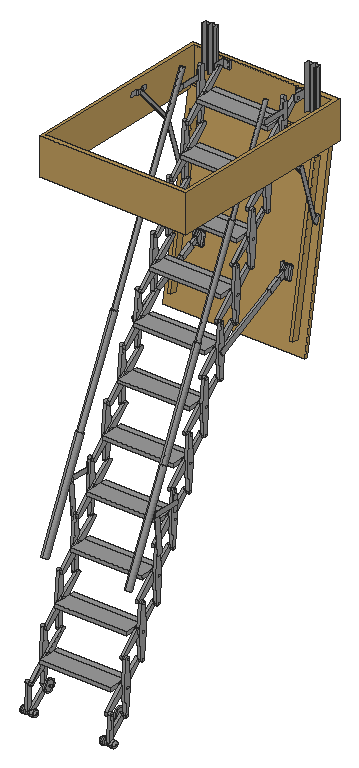
Revit family "schaartrap_XL 1000x1300mm ", category Generic Models, Revit 2019 (continued)
Forms (mm)
  Extrusion 50, solid, material "gietaluminium" <- "schaartrap"
    sketch origin (40.5, -590.562, 5.563) x (0, 1, 0) y (0, 0, 1)
      loop
        line (2074.925, 2267.866) -> (2045.025, 2238.071) -> (2043.528, 2236.332)
        arc (2043.528, 2236.332) -> (2040.685, 2228.913) -> (2042.029, 2221.083) r 15
        line (2042.029, 2221.083) -> (2059.936, 2182.859) -> (2074.925, 2267.866)
      loop
        circle (2055.613, 2227.446) r 4
    from 238 to 246
  Extrusion 51, solid, material "gietaluminium" <- "schaartrap"
    sketch origin (692.5, -43.97, 0) x (0, 1, 0) y (0, 0, -1)
      loop
        circle (63.97, -20) r 20
    from 446 to 466
  Sweep 52, solid, material "gietaluminium" <- "schaartrap"
    path origin (226.5, -43.97, 0) x (0, 1, 0) y (0, 0, -1)
      loop
        circle (63.97, -20) r 20
    profile origin (226.5, 20, 40) x (0, 0, 1) y (-1, 0, 0)
      loop
        line (-7.976, 0) -> (0, 0)
        arc (0, 0) -> (-2.238, 6.396) -> (-7.976, 10) r 10.257
        line (-7.976, 10) -> (-7.976, 0)
  Extrusion 53, solid, material "gietaluminium" <- "schaartrap"
    sketch origin (-159.5, -43.97, 0) x (0, 1, 0) y (0, 0, 1)
      loop
        circle (63.97, 20) r 20
    from 446 to 466
  Sweep 54, solid, material "gietaluminium" <- "schaartrap"
    path origin (306.5, -43.97, 0) x (0, 1, 0) y (0, 0, 1)
      loop
        circle (63.97, 20) r 20
    profile origin (306.5, 20, 40) x (0, 0, -1) y (1, 0, 0)
      loop
        line (7.976, 0) -> (7.976, 10)
        arc (7.976, 10) -> (2.238, 6.396) -> (0, 0) r 10.257
        line (0, 0) -> (7.976, 0)
  Extrusion 55, solid, material "gietaluminium" <- "schaartrap"
    sketch origin (63.5, -1421.409, -482.845) x (0, 1, 0) y (0, 0, 1)
      loop
        circle (1573.677, 783.116) r 21
      loop
        circle (1705.945, 1063.386) r 21
      loop
        circle (1838.213, 1343.657) r 21
      loop
        circle (1970.481, 1623.928) r 21
      loop
        circle (2102.749, 1904.199) r 21
      loop
        circle (2235.017, 2184.47) r 21
      loop
        circle (2367.285, 2464.94) r 21
      loop
        circle (2499.553, 2745.011) r 21
      loop
        circle (2631.821, 3025.282) r 21
      loop
        circle (2764.089, 3305.553) r 21
      loop
        circle (2896.357, 3585.823) r 21
    from 183 to 180
  Extrusion 56, solid, material "gietaluminium" <- "schaartrap"
    sketch origin (-126.5, -60.366, -16.741) x (0, 1, 0) y (0, 0, 1)
      loop
        arc (185.562, 115.163) -> (248.061, 135.606) -> (206.965, 186.941) r 40
        arc (206.965, 186.941) -> (171.397, 158.467) -> (185.562, 115.163) r 40
      loop
        arc (188.409, 116.796) -> (245.147, 136.334) -> (208.724, 184.023) r 37
        arc (208.724, 184.023) -> (174.311, 157.739) -> (188.409, 116.796) r 37
    from 359 to 370
  Extrusion 57, solid, material "gietaluminium" <- "schaartrap"
    sketch origin (63.5, -60.366, -16.741) x (0, 1, 0) y (0, 0, 1)
      loop
        arc (208.724, 184.023) -> (174.311, 157.739) -> (188.409, 116.796) r 37
        arc (188.409, 116.796) -> (245.147, 136.334) -> (208.724, 184.023) r 37
    from 173 to 176.5
  Extrusion 58, solid, material "gietaluminium" <- "schaartrap"
    sketch origin (581.5, -60.366, -16.741) x (0, 1, 0) y (0, 0, -1)
      loop
        circle (209.729, -147.037) r 5
    from 359 to 335
  Extrusion 59, solid, material "gietaluminium" <- "schaartrap"
    sketch origin (-119.5, -1875.073, -482.845) x (0, 1, 0) y (0, 0, 1)
      loop
        circle (2024.436, 613.19) r 5.05
      loop
        circle (1897.978, 672.82) r 5.05
      loop
        circle (2027.341, 783.116) r 5.05
      loop
        circle (2156.704, 893.411) r 5.05
      loop
        circle (2030.245, 953.091) r 5.05
      loop
        circle (2159.609, 1063.386) r 5.05
      loop
        circle (2288.972, 1173.682) r 5.05
      loop
        circle (2162.513, 1233.362) r 5.05
      loop
        circle (2291.877, 1343.657) r 5.05
      loop
        circle (2421.24, 1453.953) r 5.05
      loop
        circle (2424.145, 1623.928) r 5.05
      loop
        circle (2553.508, 1734.224) r 5.05
      loop
        circle (2427.049, 1793.903) r 5.05
      loop
        circle (2556.413, 1904.199) r 5.05
      loop
        circle (2685.776, 2014.494) r 5.05
      loop
        circle (2559.317, 2074.174) r 5.05
      loop
        circle (2688.681, 2184.47) r 5.05
      loop
        circle (2818.044, 2294.765) r 5.05
      loop
        circle (2691.585, 2354.445) r 5.05
      loop
        circle (2950.312, 2575.036) r 5.05
      loop
        circle (2823.853, 2634.715) r 5.05
      loop
        circle (2953.217, 2745.011) r 5.05
      loop
        circle (3082.58, 2855.307) r 5.05
      loop
        circle (2956.121, 2914.986) r 5.05
      loop
        circle (3085.485, 3025.282) r 5.05
      loop
        circle (3214.848, 3135.577) r 5.05
      loop
        circle (3088.389, 3195.257) r 5.05
      loop
        circle (3217.753, 3305.553) r 5.05
      loop
        circle (3347.116, 3415.848) r 5.05
      loop
        circle (3350.02, 3585.823) r 5.05
      loop
        circle (3220.657, 3475.528) r 5.05
    from 406 to 411
  Extrusion 60, solid, material "gietaluminium" <- "schaartrap"
    sketch origin (-151, 591.609, 28.316) x (1, 0, 0) y (0, 1, 0)
      loop
        line (-318.5, 647.962) -> (-318.5, 624.3) -> (-302.5, 613.097) -> (-302.5, 584.328) -> (-318.5, 573.125) -> (-318.5, 549.462) -> (-315.5, 549.462) -> (-315.5, 571.563) -> (-299.5, 582.766) -> (-299.5, 614.658) -> (-315.5, 625.862) -> (-315.5, 647.962) -> (-318.5, 647.962)
    from 3135.001 to 3165.001
  Extrusion 61, solid, material "gietaluminium" <- "schaartrap"
    sketch origin (-151, 591.609, 28.316) x (0, 1, 0) y (0, 0, 1)
      loop
        line (647.962, 3165.001) -> (647.962, 3135.001)
        arc (647.962, 3135.001) -> (662.962, 3150.001) -> (647.962, 3165.001) r 15
      loop
        arc (549.462, 3165.001) -> (534.462, 3150.001) -> (549.462, 3135.001) r 15
        line (549.462, 3135.001) -> (549.462, 3165.001)
    from -318.5 to -315.5
  Extrusion 62, solid, material "gietaluminium" <- "schaartrap"
    sketch origin (151, -591.609, 28.316) x (-1, 0, 0) y (0, -1, 0)
      loop
        line (-318.5, -1831.181) -> (-315.5, -1831.181) -> (-315.5, -1809.08) -> (-299.5, -1797.877) -> (-299.5, -1765.984) -> (-315.5, -1754.781) -> (-315.5, -1732.681) -> (-318.5, -1732.681) -> (-318.5, -1756.343) -> (-302.5, -1767.546) -> (-302.5, -1796.315) -> (-318.5, -1807.518) -> (-318.5, -1831.181)
    from 3135.001 to 3165.001
  Extrusion 63, solid, material "gietaluminium" <- "schaartrap"
    sketch origin (151, -591.609, 28.316) x (0, -1, 0) y (0, 0, 1)
      loop
        arc (-1831.181, 3165.001) -> (-1846.181, 3150.001) -> (-1831.181, 3135.001) r 15
        line (-1831.181, 3135.001) -> (-1831.181, 3165.001)
      loop
        line (-1732.681, 3165.001) -> (-1732.681, 3135.001)
        arc (-1732.681, 3135.001) -> (-1717.681, 3150.001) -> (-1732.681, 3165.001) r 15
    from -318.5 to -315.5
  Extrusion 64, solid, material "gietaluminium" <- "schaartrap"
    sketch origin (-160.5, 584.315, 30.074) x (0, 0.999997, -0.002431) y (0, 0.002431, 0.999997)
      loop
        arc (922.06, 2542.699) -> (933.369, 2538.006) -> (941.174, 2547.441) r 10.301
        line (941.174, 2547.441) -> (825.649, 2921.876) -> (806.86, 2916.079) -> (922.06, 2542.699)
    from -294 to -290
  Extrusion 65, solid, material "gietaluminium" <- "schaartrap"
    sketch origin (-160.5, 590.512, 27.781) x (0, 1, 0) y (0, 0, 1)
      loop
        arc (920.072, 2553.899) -> (916.992, 2549.65) -> (918.432, 2544.603) r 6
        line (918.432, 2544.603) -> (945.758, 2514.114) -> (956.177, 2573.203) -> (920.072, 2553.899)
      loop
        circle (930.779, 2547.218) r 4
    from -298 to -294
  Extrusion 66, solid, material "gietaluminium" <- "schaartrap", not visible
    sketch origin (280, 837.094, 512.919) x (0, -0.999997, -0.002431) y (0, -0.002431, 0.999997)
      loop
        arc (922.06, 2542.699) -> (933.369, 2538.006) -> (941.174, 2547.441) r 10.301
        line (941.174, 2547.441) -> (825.649, 2921.876) -> (806.86, 2916.079) -> (922.06, 2542.699)
    from -294 to -290
  Extrusion 67, solid, material "gietaluminium" <- "schaartrap", not visible
    sketch origin (280, 830.897, 510.625) x (0, -1, 0) y (0, 0, 1)
      loop
        arc (920.072, 2553.899) -> (916.992, 2549.65) -> (918.432, 2544.603) r 6
        line (918.432, 2544.603) -> (945.758, 2514.114) -> (956.177, 2573.203) -> (920.072, 2553.899)
      loop
        circle (930.779, 2547.218) r 4
    from -298 to -294
  Extrusion 68, solid, material "gietaluminium" <- "schaartrap"
    sketch origin (160.5, -584.315, 30.074) x (0, -0.999997, -0.002431) y (0, -0.002431, 0.999997)
      loop
        line (-2103.035, 2535.346) -> (-1989.652, 2909.282) -> (-2008.469, 2914.988) -> (-2122.173, 2539.995)
        arc (-2122.173, 2539.995) -> (-2114.322, 2530.598) -> (-2103.035, 2535.346) r 10.301
    from -294 to -290
  Extrusion 69, solid, material "gietaluminium" <- "schaartrap"
    sketch origin (160.5, -590.512, 27.781) x (0, -1, 0) y (0, 0, 1)
      loop
        line (-2101.095, 2553.899) -> (-2137.2, 2573.203) -> (-2126.781, 2514.114) -> (-2099.456, 2544.603)
        arc (-2099.456, 2544.603) -> (-2098.015, 2549.65) -> (-2101.095, 2553.899) r 6
      loop
        circle (-2111.802, 2547.218) r 4
    from -298 to -294
  Extrusion 70, solid, material "gietaluminium" <- "schaartrap"
    sketch origin (-156.5, 1520.658, 2540.829) x (0, 0.173648, 0.984808) y (-1, 0, 0)
      loop
        line (63.761, 264.5) -> (63.761, 298) -> (3.764, 298) -> (3.764, 264.5) -> (63.761, 264.5)
    from -18.69 to -15.19
  Extrusion 71, solid, material "gietaluminium" <- "schaartrap"
    sketch origin (156.5, 1520.658, 2540.829) x (0, 0.173648, 0.984808) y (-1, 0, 0)
      loop
        line (63.761, -264.5) -> (3.764, -264.5) -> (3.764, -298) -> (63.761, -298) -> (63.761, -264.5)
    from -18.69 to -15.19
  Extrusion 72, solid, material "gietaluminium" <- "schaartrap"
    sketch origin (-160.5, 592.017, 11.499) x (0, 0.999999, -0.001085) y (0, 0.001085, 0.999999)
      loop
        arc (604.174, 3171.925) -> (590.072, 3172.99) -> (589.006, 3158.888) r 10
        line (589.006, 3158.888) -> (816.244, 2894.511)
        arc (816.244, 2894.511) -> (827.747, 2895.257) -> (833.285, 2905.367) r 11.968
        line (833.285, 2905.367) -> (604.174, 3171.925)
    from -290 to -286
  Extrusion 73, solid, material "gietaluminium" <- "schaartrap"
    sketch origin (160.5, -592.017, 11.499) x (0, -0.999999, -0.001085) y (0, -0.001085, 0.999999)
      loop
        line (-1795.089, 3169.321) -> (-2023.621, 2902.267)
        arc (-2023.621, 2902.267) -> (-2018.062, 2892.169) -> (-2006.557, 2891.448) r 11.968
        line (-2006.557, 2891.448) -> (-1779.894, 3156.318)
        arc (-1779.894, 3156.318) -> (-1780.99, 3170.417) -> (-1795.089, 3169.321) r 10
    from -290 to -286
  Extrusion 74, solid, material "gietaluminium" <- "schaartrap"
    sketch origin (-94, 1537.895, 2530.958) x (0, 0.173648, 0.984808) y (-1, 0, 0)
      loop
        arc (-259.153, -362.5) -> (-262.082, -355.429) -> (-269.153, -352.5) r 10
        line (-269.153, -352.5) -> (-342.991, -352.5)
        arc (-342.991, -352.5) -> (-350.062, -355.429) -> (-352.991, -362.5) r 10
        line (-352.991, -362.5) -> (-352.991, -413.5)
        arc (-352.991, -413.5) -> (-350.062, -420.571) -> (-342.991, -423.5) r 10
        line (-342.991, -423.5) -> (-269.153, -423.5)
        arc (-269.153, -423.5) -> (-262.082, -420.571) -> (-259.153, -413.5) r 10
        line (-259.153, -413.5) -> (-259.153, -362.5)
    from 0 to 8
  Extrusion 75, void
    sketch origin (-598.5, 591.599, -30.761) x (0, 1, 0) y (0, 0, -1)
      loop
        circle (1047.17, -3434.035) r 5.25
      loop
        circle (1047.17, -3414.035) r 5.25
      loop
        circle (1047.17, -3394.035) r 5.25
      loop
        circle (1047.17, -3374.035) r 5.25
      loop
        circle (1047.17, -3354.035) r 5.25
      loop
        circle (1047.17, -3334.035) r 5.25
      loop
        circle (1047.17, -3314.035) r 5.25
      loop
        circle (1047.17, -3294.035) r 5.25
      loop
        circle (1047.17, -3274.035) r 5.25
      loop
        circle (1047.17, -3254.035) r 5.25
      loop
        circle (1047.17, -3234.035) r 5.25
      loop
        circle (1047.17, -3214.035) r 5.25
      loop
        circle (1047.17, -3194.035) r 5.25
      loop
        circle (1047.17, -3174.035) r 5.25
      loop
        line (1040.712, -3159.035) -> (1040.712, -3153.033) -> (1026.715, -3153.033) -> (1026.715, -3168.033) -> (1031.715, -3168.033)
        arc (1031.715, -3168.033) -> (1034.35, -3161.67) -> (1040.712, -3159.035) r 8.998
    from -292.5 to -252.5
  Extrusion 76, solid, material "gietaluminium" <- "schaartrap"
    sketch origin (4223.985, -1824.018, 78.273) x (-1, 0, 0) y (0, -1, 0)
      loop
        arc (4529.985, -3475.327) -> (4530.864, -3477.45) -> (4532.986, -3478.329) r 3.001
        line (4532.986, -3478.329) -> (4566.985, -3478.329)
        arc (4566.985, -3478.329) -> (4569.106, -3477.45) -> (4569.985, -3475.329) r 3
        line (4569.985, -3475.329) -> (4569.985, -3448.329) -> (4567.985, -3448.329) -> (4567.985, -3475.329)
        arc (4567.985, -3475.329) -> (4567.692, -3476.036) -> (4566.985, -3476.329) r 1
        line (4566.985, -3476.329) -> (4532.986, -3476.329)
        arc (4532.986, -3476.329) -> (4532.278, -3476.035) -> (4531.985, -3475.327) r 1.001
        line (4531.985, -3475.327) -> (4531.985, -3448.329) -> (4529.985, -3448.329) -> (4529.985, -3475.327)
    from 3050.001 to 3350.001
  Extrusion 77, void
    sketch origin (598.5, 591.599, -30.761) x (0, 1, 0) y (0, 0, 1)
      loop
        circle (1047.17, 3434.035) r 5.25
      loop
        circle (1047.17, 3414.035) r 5.25
      loop
        circle (1047.17, 3394.035) r 5.25
      loop
        circle (1047.17, 3374.035) r 5.25
      loop
        circle (1047.17, 3354.035) r 5.25
      loop
        circle (1047.17, 3334.035) r 5.25
      loop
        circle (1047.17, 3314.035) r 5.25
      loop
        circle (1047.17, 3294.035) r 5.25
      loop
        circle (1047.17, 3274.035) r 5.25
      loop
        circle (1047.17, 3254.035) r 5.25
      loop
        circle (1047.17, 3234.035) r 5.25
      loop
        circle (1047.17, 3214.035) r 5.25
      loop
        circle (1047.17, 3194.035) r 5.25
      loop
        circle (1047.17, 3174.035) r 5.25
      loop
        arc (1040.712, 3159.035) -> (1034.35, 3161.67) -> (1031.715, 3168.033) r 8.998
        line (1031.715, 3168.033) -> (1026.715, 3168.033) -> (1026.715, 3153.033) -> (1040.712, 3153.033) -> (1040.712, 3159.035)
    from -292.5 to -252.5
  Extrusion 78, solid, material "gietaluminium" <- "schaartrap"
    sketch origin (-4223.985, -1824.018, 78.273) x (1, 0, 0) y (0, 1, 0)
      loop
        line (4529.985, 3475.327) -> (4529.985, 3448.329) -> (4531.985, 3448.329) -> (4531.985, 3475.327)
        arc (4531.985, 3475.327) -> (4532.278, 3476.035) -> (4532.986, 3476.329) r 1.001
        line (4532.986, 3476.329) -> (4566.985, 3476.329)
        arc (4566.985, 3476.329) -> (4567.692, 3476.036) -> (4567.985, 3475.329) r 1
        line (4567.985, 3475.329) -> (4567.985, 3448.329) -> (4569.985, 3448.329) -> (4569.985, 3475.329)
        arc (4569.985, 3475.329) -> (4569.106, 3477.45) -> (4566.985, 3478.329) r 3
        line (4566.985, 3478.329) -> (4532.986, 3478.329)
        arc (4532.986, 3478.329) -> (4530.864, 3477.45) -> (4529.985, 3475.327) r 3.001
    from 3050.001 to 3350.001
  Extrusion 79, solid, material "gietaluminium" <- "schaartrap"
    sketch origin (-47.5, 582.189, 120) x (1, 0, 0) y (0, 1, 0)
      loop
        line (-174, 1074.122) -> (-223, 1074.122) -> (-223, 1000.712) -> (-219, 1000.712) -> (-219, 1070.122) -> (-174, 1070.122) -> (-174, 1074.122)
    from 3070.001 to 3120.001
  Extrusion 80, void
    sketch origin (-63.5, 582.189, 120) x (1, 0, 0) y (0, 0, 1)
      loop
        circle (-167.264, 3109) r 5
      loop
        circle (-167.264, 3080.25) r 5
    from -1074.122 to -1070.122
  Extrusion 81, solid, material "gietaluminium" <- "schaartrap"
    sketch origin (-63.5, 566.635, 0) x (0, 1, 0) y (0, 0, 1)
      loop
        circle (1038.295, 3213.3) r 5.05
    from -207 to -212
  Extrusion 82, solid, material "gietaluminium" <- "schaartrap"
    sketch origin (47.5, 582.189, 120) x (-1, 0, 0) y (0, -1, 0)
      loop
        line (-174, -1074.122) -> (-174, -1070.122) -> (-219, -1070.122) -> (-219, -1000.712) -> (-223, -1000.712) -> (-223, -1074.122) -> (-174, -1074.122)
    from 3070.001 to 3120.001
  Extrusion 83, void
    sketch origin (63.5, 582.189, 120) x (-1, 0, 0) y (0, 0, -1)
      loop
        circle (-167.264, -3109) r 5
      loop
        circle (-167.264, -3080.25) r 5
    from -1076.122 to -1062.398
  Extrusion 84, solid, material "gietaluminium" <- "schaartrap"
    sketch origin (63.5, 566.635, 0) x (0, 1, 0) y (0, 0, -1)
      loop
        circle (1038.295, -3213.3) r 5.05
    from -207 to -212
  Sweep 85, solid, material "gietaluminium" <- "schaartrap"
    path origin (280.36, -52.976, -490.319) x (0, 0.998202, -0.059933) y (0, 0.059933, 0.998202)
      loop
        line (138.969, 1377.523) -> (396.642, 2020.838)
    profile origin (280.36, 316.186, 1189.757) x (0, -0.904351, 0.42679) y (1, 0, 0)
      loop
        circle (0, 0) r 20
  Sweep 86, solid, material "gietaluminium" <- "schaartrap"
    path origin (280.36, 199.257, 44.153) x (0, 0.998202, -0.059933) y (0, 0.059933, 0.998202)
      loop
        line (176.895, 1472.21) -> (427.931, 2098.957)
    profile origin (280.36, 608.143, 1808.402) x (0, -0.904351, 0.42679) y (1, 0, 0)
      loop
        circle (0, 0) r 17.5
  Sweep 87, solid, material "gietaluminium" <- "schaartrap"
    path origin (280.36, 414.843, 500.971) x (0, 0.998202, -0.059933) y (0, 0.059933, 0.998202)
      loop
        line (240.112, 1630.039) -> (491.984, 2258.873)
    profile origin (280.36, 896.771, 2419.993) x (0, -0.904351, 0.42679) y (1, 0, 0)
      loop
        circle (0, 0) r 15
  Sweep 88, solid, material "gietaluminium" <- "schaartrap"
    path origin (280.36, 629.549, 955.925) x (0, 0.998202, -0.059933) y (0, 0.059933, 0.998202)
      loop
        line (304.931, 1791.869) -> (552.506, 2409.973)
    profile origin (280.36, 1183.412, 3027.375) x (0, -0.904351, 0.42679) y (1, 0, 0)
      loop
        circle (0, 0) r 12.5
  Extrusion 89, solid, material "gietaluminium" <- "schaartrap"
    sketch origin (63.5, -91.272, -283.406) x (0, 0.9905, -0.137509) y (0, 0.137509, 0.9905)
      loop
        line (257, 1578.327) -> (319.569, 1325.967)
        arc (319.569, 1325.967) -> (335.331, 1324.724) -> (348.687, 1333.187) r 25
        line (348.687, 1333.187) -> (286.119, 1585.546)
        arc (286.119, 1585.546) -> (270.356, 1586.789) -> (257, 1578.327) r 25
    from 228 to 223
  Extrusion 90, solid, material "gietaluminium" <- "schaartrap"
    sketch origin (63.5, -91.276, -283.377) x (0, 0.9905, -0.13751) y (0, 0.13751, 0.9905)
      loop
        line (435.226, 1611.925) -> (260.054, 1590.65)
        arc (260.054, 1590.65) -> (257.872, 1575.275) -> (263.671, 1560.869) r 30
        line (263.671, 1560.869) -> (438.843, 1582.144)
        arc (438.843, 1582.144) -> (441.025, 1597.519) -> (435.226, 1611.925) r 30
    from 228 to 233
  Extrusion 91, solid, material "gietaluminium" <- "schaartrap"
    sketch origin (63.5, -91.276, -283.377) x (0, 0.9905, -0.13751) y (0, 0.13751, 0.9905)
      loop
        arc (417.587, 1545.835) -> (432.962, 1543.654) -> (447.368, 1549.452) r 30
        line (447.368, 1549.452) -> (435.678, 1645.707)
        arc (435.678, 1645.707) -> (420.302, 1647.888) -> (405.896, 1642.09) r 30
        line (405.896, 1642.09) -> (417.587, 1545.835)
    from 223 to 228
  Extrusion 92, solid, material "gietaluminium" <- "schaartrap"
    sketch origin (63.5, 28.967, -316.684) x (0, 0.998202, -0.059933) y (0, 0.059933, 0.998202)
      loop
        line (280.038, 1590.328) -> (244.48, 1604.57) -> (233.326, 1576.721) -> (269.458, 1562.249)
        arc (269.458, 1562.249) -> (279.429, 1574.524) -> (280.038, 1590.328) r 25
    from 218 to 223
  Extrusion 93, solid, material "gietaluminium" <- "schaartrap"
    sketch origin (63.5, 834.6, 1678.518) x (0, 0.9905, -0.13751) y (0, 0.13751, 0.9905)
      loop
        arc (417.587, 1545.835) -> (432.962, 1543.654) -> (447.368, 1549.452) r 30
        line (447.368, 1549.452) -> (435.678, 1645.707)
        arc (435.678, 1645.707) -> (420.302, 1647.888) -> (405.896, 1642.09) r 30
        line (405.896, 1642.09) -> (417.587, 1545.835)
      loop
        circle (422.111, 1632.998) r 5.05
      loop
        circle (431.153, 1558.545) r 5.05
    from 223 to 228
  Extrusion 94, solid, material "gietaluminium" <- "schaartrap"
    sketch origin (63.5, 954.843, 1645.211) x (0, 0.998202, -0.059933) y (0, 0.059933, 0.998202)
      loop
        line (280.038, 1590.328) -> (238.811, 1606.841) -> (227.657, 1578.992) -> (269.458, 1562.249)
        arc (269.458, 1562.249) -> (279.429, 1574.524) -> (280.038, 1590.328) r 25
      loop
        circle (268.919, 1577.499) r 5.05
    from 218 to 223
  Sweep 95, solid, material "gietaluminium" <- "schaartrap"
    path origin (-280.36, 52.976, -490.319) x (0, -0.998202, -0.059933) y (0, -0.059933, 0.998202)
      loop
        line (-197.032, 1357.349) -> (-529.827, 1965.211)
    profile origin (-280.36, 316.186, 1189.757) x (0, 0.904351, -0.42679) y (-1, 0, 0)
      loop
        circle (0, 0) r 20
  Sweep 96, solid, material "gietaluminium" <- "schaartrap"
    path origin (-280.36, -199.257, 44.153) x (0, -0.998202, -0.059933) y (0, -0.059933, 0.998202)
      loop
        line (-749.574, 1416.584) -> (-1073.798, 2008.791)
    profile origin (-280.36, 608.143, 1808.402) x (0, 0.904351, -0.42679) y (-1, 0, 0)
      loop
        circle (0, 0) r 17.5
  Sweep 97, solid, material "gietaluminium" <- "schaartrap"
    path origin (-280.36, -414.843, 500.971) x (0, -0.998202, -0.059933) y (0, -0.059933, 0.998202)
      loop
        line (-1261.617, 1539.873) -> (-1586.921, 2134.053)
    profile origin (-280.36, 896.771, 2419.993) x (0, 0.904351, -0.42679) y (-1, 0, 0)
      loop
        circle (0, 0) r 15
  Sweep 98, solid, material "gietaluminium" <- "schaartrap"
    path origin (-280.36, -629.549, 955.925) x (0, -0.998202, -0.059933) y (0, -0.059933, 0.998202)
      loop
        line (-1773.974, 1667.048) -> (-2093.727, 2251.09)
    profile origin (-280.36, 1183.412, 3027.375) x (0, 0.904351, -0.42679) y (-1, 0, 0)
      loop
        circle (0, 0) r 12.5
  Extrusion 99, solid, material "gietaluminium" <- "schaartrap"
    sketch origin (-63.5, 91.272, -283.406) x (0, -0.9905, -0.137509) y (0, -0.137509, 0.9905)
      loop
        arc (-496.417, 1473.731) -> (-511.573, 1478.236) -> (-526.401, 1472.746) r 25
        line (-526.401, 1472.746) -> (-517.859, 1212.886)
        arc (-517.859, 1212.886) -> (-502.703, 1208.381) -> (-487.875, 1213.871) r 25
        line (-487.875, 1213.871) -> (-496.417, 1473.731)
    from 228 to 223
  Extrusion 100, solid, material "gietaluminium" <- "schaartrap"
    sketch origin (-63.5, 91.276, -283.377) x (0, -0.9905, -0.13751) y (0, -0.13751, 0.9905)
      loop
        arc (-677.05, 1457.51) -> (-678.704, 1442.069) -> (-672.417, 1427.869) r 30
        line (-672.417, 1427.869) -> (-498.074, 1455.117)
        arc (-498.074, 1455.117) -> (-496.419, 1470.558) -> (-502.706, 1484.757) r 30
        line (-502.706, 1484.757) -> (-677.05, 1457.51)
    from 228 to 233
  Extrusion 101, solid, material "gietaluminium" <- "schaartrap"
    sketch origin (-63.5, 91.276, -283.377) x (0, -0.9905, -0.13751) y (0, -0.13751, 0.9905)
      loop
        line (-642.074, 1398.724) -> (-657.046, 1494.523)
        arc (-657.046, 1494.523) -> (-672.486, 1496.178) -> (-686.686, 1489.891) r 30
        line (-686.686, 1489.891) -> (-671.714, 1394.092)
        arc (-671.714, 1394.092) -> (-656.273, 1392.437) -> (-642.074, 1398.724) r 30
    from 223 to 228
  Extrusion 102, solid, material "gietaluminium" <- "schaartrap"
    sketch origin (-63.5, -28.967, -316.684) x (0, -0.998202, -0.059933) y (0, -0.059933, 0.998202)
      loop
        arc (-526.141, 1541.924) -> (-523.646, 1526.307) -> (-512.278, 1515.312) r 25
        line (-512.278, 1515.312) -> (-478.137, 1534.004) -> (-492.543, 1560.318) -> (-526.141, 1541.924)
    from 218 to 223
  Extrusion 103, solid, material "gietaluminium" <- "schaartrap"
    sketch origin (-63.5, -834.6, 1678.518) x (0, -0.9905, -0.13751) y (0, -0.13751, 0.9905)
      loop
        line (-2476.234, 1144.091) -> (-2491.206, 1239.889)
        arc (-2491.206, 1239.889) -> (-2506.647, 1241.544) -> (-2520.846, 1235.257) r 30
        line (-2520.846, 1235.257) -> (-2505.874, 1139.458)
        arc (-2505.874, 1139.458) -> (-2490.434, 1137.803) -> (-2476.234, 1144.091) r 30
      loop
        circle (-2504.331, 1226.724) r 5.05
      loop
        circle (-2492.75, 1152.624) r 5.05
    from 223 to 228
  Extrusion 104, solid, material "gietaluminium" <- "schaartrap"
    sketch origin (-63.5, -954.843, 1645.211) x (0, -0.998202, -0.059933) y (0, -0.059933, 0.998202)
      loop
        arc (-2374.564, 1430.942) -> (-2372.069, 1415.325) -> (-2360.7, 1404.33) r 25
        line (-2360.7, 1404.33) -> (-2321.203, 1425.955) -> (-2335.609, 1452.269) -> (-2374.564, 1430.942)
      loop
        circle (-2361.99, 1419.536) r 5.05
    from 218 to 223
  Extrusion 105, solid, material "gietaluminium" <- "schaartrap"
    sketch origin (58.5, 834.6, 1678.518) x (0, 0.9905, -0.13751) y (0, 0.13751, 0.9905)
      loop
        line (435.226, 1611.925) -> (260.054, 1590.65)
        arc (260.054, 1590.65) -> (257.872, 1575.275) -> (263.671, 1560.869) r 30
        line (263.671, 1560.869) -> (438.843, 1582.144)
        arc (438.843, 1582.144) -> (441.025, 1597.519) -> (435.226, 1611.925) r 30
      loop
        circle (268.897, 1577.198) r 5.05
    from 228 to 233
  Extrusion 106, solid, material "gietaluminium" <- "schaartrap", not visible
    sketch origin (-5, 755.995, 2218.134) x (0, 0.996961, -0.077898) y (0, 0.077898, 0.996961)
      loop
        line (435.226, 1611.925) -> (260.054, 1590.65)
        arc (260.054, 1590.65) -> (257.872, 1575.275) -> (263.671, 1560.869) r 30
        line (263.671, 1560.869) -> (438.843, 1582.144)
        arc (438.843, 1582.144) -> (441.025, 1597.519) -> (435.226, 1611.925) r 30
      loop
        circle (268.897, 1577.198) r 5.05
    from 228 to 233
  Extrusion 107, solid, material "gietaluminium" <- "schaartrap"
    sketch origin (-58.5, -834.6, 1678.518) x (0, -0.9905, -0.13751) y (0, -0.13751, 0.9905)
      loop
        arc (-2511.21, 1202.876) -> (-2512.865, 1187.435) -> (-2506.578, 1173.236) r 30
        line (-2506.578, 1173.236) -> (-2332.234, 1200.483)
        arc (-2332.234, 1200.483) -> (-2330.579, 1215.924) -> (-2336.866, 1230.123) r 30
        line (-2336.866, 1230.123) -> (-2511.21, 1202.876)
      loop
        circle (-2341.711, 1214.771) r 5.05
    from 228 to 233
  Extrusion 108, solid, material "hout" <- "deksel"
    sketch origin (0, 0, 0) x (0, 1, 0) y (0, 0, 1)
      loop
        line (1561.022, 2921.261) -> (1379.837, 1893.712) -> (1424.154, 1885.898) -> (1605.339, 2913.447) -> (1561.022, 2921.261)
    from -421 to -401
  Extrusion 109, solid, material "hout" <- "deksel", not visible
    sketch origin (119.5, 1421.409, 482.845) x (0, -1, 0) y (0, 0, 1)
      loop
        line (1561.022, 2921.261) -> (1379.837, 1893.712) -> (1424.154, 1885.898) -> (1605.339, 2913.447) -> (1561.022, 2921.261)
    from -421 to -401
  Extrusion 110, solid, material "hout" <- "deksel"
    sketch origin (0, 0, 0) x (0, -1, 0) y (0, 0, 1)
      loop
        line (-1561.022, 2921.261) -> (-1605.339, 2913.447) -> (-1424.154, 1885.898) -> (-1379.837, 1893.712) -> (-1561.022, 2921.261)
    from -421 to -401
  Extrusion 111, solid, material "gietaluminium" <- "schaartrap"
    sketch origin (-692.5, -43.97, 0) x (0, 1, 0) y (0, 0, 1)
      loop
        circle (63.97, 20) r 20
    from 446 to 466
  Sweep 112, solid, material "gietaluminium" <- "schaartrap"
    path origin (-226.5, -43.97, 0) x (0, 1, 0) y (0, 0, 1)
      loop
        circle (63.97, 20) r 20
    profile origin (-226.5, 20, 40) x (0, 0, -1) y (1, 0, 0)
      loop
        line (7.976, 0) -> (7.976, 10)
        arc (7.976, 10) -> (2.238, 6.396) -> (0, 0) r 10.257
        line (0, 0) -> (7.976, 0)
  Extrusion 113, solid, material "gietaluminium" <- "schaartrap"
    sketch origin (159.5, -43.97, 0) x (0, 1, 0) y (0, 0, -1)
      loop
        circle (63.97, -20) r 20
    from 446 to 466
  Sweep 114, solid, material "gietaluminium" <- "schaartrap"
    path origin (-306.5, -43.97, 0) x (0, 1, 0) y (0, 0, -1)
      loop
        circle (63.97, -20) r 20
    profile origin (-306.5, 20, 40) x (0, 0, 1) y (-1, 0, 0)
      loop
        line (-7.976, 0) -> (0, 0)
        arc (0, 0) -> (-2.238, 6.396) -> (-7.976, 10) r 10.257
        line (-7.976, 10) -> (-7.976, 0)
  Extrusion 115, solid, material "gietaluminium" <- "schaartrap"
    sketch origin (-63.5, 1421.409, -482.845) x (0, -1, 0) y (0, 0, 1)
      loop
        circle (1269.141, 783.116) r 5.05
      loop
        circle (1136.873, 1063.386) r 5.05
      loop
        circle (1004.605, 1343.657) r 5.05
      loop
        circle (872.337, 1623.928) r 5.05
      loop
        circle (740.053, 1904.199) r 5.05
      loop
        circle (607.801, 2184.47) r 5.05
      loop
        circle (475.533, 2464.94) r 5.05
      loop
        circle (343.265, 2745.011) r 5.05
      loop
        circle (210.997, 3025.282) r 5.05
      loop
        circle (78.729, 3305.553) r 5.05
      loop
        circle (-53.538, 3585.823) r 5.05
    from 180 to 176.5
  Extrusion 116, solid, material "gietaluminium" <- "schaartrap", not visible
    sketch origin (183, 0, 0) x (0, 1, 0) y (0, 0, 1)
      loop
        circle (1269.141, 783.116) r 5.05
      loop
        circle (1136.873, 1063.386) r 5.05
      loop
        circle (1004.605, 1343.657) r 5.05
      loop
        circle (872.337, 1623.928) r 5.05
      loop
        circle (740.053, 1904.199) r 5.05
      loop
        circle (607.801, 2184.47) r 5.05
      loop
        circle (475.533, 2464.94) r 5.05
      loop
        circle (343.265, 2745.011) r 5.05
      loop
        circle (210.997, 3025.282) r 5.05
      loop
        circle (78.729, 3305.553) r 5.05
      loop
        circle (-53.538, 3585.823) r 5.05
    from 180 to 176.5
  Extrusion 117, solid, material "gietaluminium" <- "schaartrap"
    sketch origin (63.5, -1421.409, -482.845) x (0, 1, 0) y (0, 0, 1)
      loop
        circle (1573.677, 783.116) r 5.05
      loop
        circle (1705.945, 1063.386) r 5.05
      loop
        circle (1838.213, 1343.657) r 5.05
      loop
        circle (1970.481, 1623.928) r 5.05
      loop
        circle (2102.765, 1904.199) r 5.05
      loop
        circle (2235.017, 2184.47) r 5.05
      loop
        circle (2367.285, 2464.94) r 5.05
      loop
        circle (2499.553, 2745.011) r 5.05
      loop
        circle (2631.821, 3025.282) r 5.05
      loop
        circle (2764.089, 3305.553) r 5.05
      loop
        circle (2896.357, 3585.823) r 5.05
    from 180 to 176.5
Cuts and joins
  Extrusion 25, Extrusion 80, Extrusion 83 cuts Sweep 7
  joined: Extrusion 20, Extrusion 21
  Extrusion 31, Extrusion 43, Extrusion 77 cuts Extrusion 32
  Extrusion 43, Extrusion 75 cuts Extrusion 44
  Extrusion 25 cuts Extrusion 62
  joined: Extrusion 62, Extrusion 63
  Extrusion 25 cuts Extrusion 60
  joined: Extrusion 60, Extrusion 61
  Extrusion 26 cuts Extrusion 64
  Extrusion 26 cuts Extrusion 72
  Extrusion 26 cuts Extrusion 73
  Extrusion 26 cuts Extrusion 68
  Extrusion 75 cuts Extrusion 76
  Extrusion 77 cuts Extrusion 78
  Extrusion 29, Extrusion 80 cuts Extrusion 79
  Extrusion 30, Extrusion 83 cuts Extrusion 82
  Extrusion 29 cuts Extrusion 45
  Extrusion 29 cuts Extrusion 4
  joined: Sweep 85, Extrusion 92
  joined: Extrusion 93, Extrusion 105
  joined: Sweep 88, Extrusion 94
  joined: Extrusion 103, Extrusion 107
Lines and regions (mm)
  model lines, style "schaartrap stippel"
    curve 1: line (493.5, 1680.311, 0) -> (-493.5, 1680.311, 0)
    curve 2: line (493.5, 390.311, 0) -> (493.5, 1680.311, 0)
    curve 3: line (-493.5, 390.311, 0) -> (493.5, 390.311, 0)
    curve 4: line (-493.5, 1680.311, 0) -> (-493.5, 390.311, 0)
  model lines, style "schaartrap stippel", visible <- "bovenliggende treden"
    curve 5: line (-240, 627.687, 0) -> (-240, 1680.311, 0)
    curve 6: line (240, 627.687, 0) -> (240, 1680.311, 0)
    curve 7: line (-240, 1396.149, 0) -> (240, 1396.149, 0)
    curve 8: line (0, 1680.311, 0) -> (0, 490.622, 0)
    curve 9: line (-240, 1263.881, 0) -> (240, 1263.881, 0)
    curve 10: line (0, 1680.311, 0) -> (25.981, 1635.311, 0)
    curve 11: line (25.981, 1635.311, 0) -> (0, 1635.311, 0)
    curve 12: line (0, 1680.311, 0) -> (-25.981, 1635.311, 0)
    curve 13: line (-25.981, 1635.311, 0) -> (0, 1635.311, 0)
    curve 14: line (-240, 1131.613, 0) -> (240, 1131.613, 0)
    curve 15: line (-240, 999.345, 0) -> (240, 999.345, 0)
    curve 16: line (-240, 867.077, 0) -> (240, 867.077, 0)
    curve 17: line (-240, 734.809, 0) -> (240, 734.809, 0)
  model lines
    curve 18: line (0, 71.912, 312.88) -> (0, 1629.956, 3613.902)
    curve 19: line (0, 1680.311, 3720.589) -> (34.056, 1629.956, 3613.902)
    curve 20: line (34.056, 1629.956, 3613.902) -> (0, 1629.956, 3613.902)
    curve 21: line (-34.056, 1629.956, 3613.902) -> (0, 1629.956, 3613.902)
    curve 22: line (0, 1680.311, 3720.589) -> (-34.056, 1629.956, 3613.902)
Dimensions and locks
  equal spacing: plane 4, plane 3 "Center (Left/Right)", plane 5
  plane 4 to plane 5 = 493 mm
  plane 5 to plane 8 to plane 9 = 20 mm locked, 20 mm locked
  plane 7 to plane 6 to plane 4 = 20 mm locked, 20 mm locked
  locked: plane 10 to level at 3000.001
  equal spacing: plane 12, plane 3 "Center (Left/Right)", plane 11
  locked: plane 12 to plane 11 at 685
  locked: plane 11 to plane 14 at 25
  locked: plane 12 to plane 15 at 25
  plane 4 to plane 16 = 59.5 mm
  locked: plane 20 to plane 10 at 220
  plane 12 to plane 11 = 685 mm
  Extrusion 4 to Extrusion 45 = 493 mm
  equal spacing: plane 24, plane 3 "Center (Left/Right)", plane 23
  plane 25 to plane 3 "Center (Left/Right)" to plane 26 = 475 mm, 475 mm
  aligned and locked: level to plane 2
  aligned and locked: Sweep 7 sketch curve to plane 23
  aligned and locked: Sweep 7 sketch curve to plane 24
  aligned and locked: Extrusion 6 to plane 26
  aligned and locked: Extrusion 6 to plane 25
Automatic sketch dimensions
  Extrusion 20 sketch curve to Extrusion 20 sketch curve = 30.012 mm
  Extrusion 20 sketch curve to Extrusion 20 sketch curve = 593.595 mm
  Extrusion 20 sketch curve to Extrusion 20 sketch curve = 30 mm
  Extrusion 21 sketch curve to Extrusion 21 sketch curve = 35 mm  (x2)
  Extrusion 21 sketch curve to Extrusion 21 sketch curve = 90 mm
  Extrusion 22 sketch curve to Extrusion 22 sketch curve = 86.318 mm
  Extrusion 22 sketch curve to Extrusion 22 sketch curve = 44.796 mm
  Extrusion 22 sketch curve to Extrusion 22 sketch curve = 15 mm  (x3)
  Extrusion 22 sketch curve to Extrusion 22 sketch curve = 2.295 mm  (x2)
  Extrusion 22 sketch curve to Extrusion 22 sketch curve = 42.21 mm  (x2)
  Extrusion 23 sketch curve to Extrusion 23 sketch curve = 86.318 mm
  Extrusion 23 sketch curve to Extrusion 23 sketch curve = 44.796 mm
  Extrusion 23 sketch curve to Extrusion 23 sketch curve = 15 mm  (x3)
  Extrusion 23 sketch curve to Extrusion 23 sketch curve = 2.295 mm  (x2)
  Extrusion 23 sketch curve to Extrusion 23 sketch curve = 42.21 mm  (x2)
  Extrusion 22 sketch curve to Extrusion 22 sketch curve = 1.498 mm
  Extrusion 22 sketch curve to Extrusion 22 sketch curve = 1.497 mm
  Extrusion 22 sketch curve to Extrusion 22 sketch curve = 13.583 mm
  Extrusion 22 sketch curve to Extrusion 22 sketch curve = 17.907 mm
  Extrusion 22 sketch curve to Extrusion 22 sketch curve = 29.9 mm
  Extrusion 22 sketch curve to Extrusion 22 sketch curve = 38.224 mm
  Extrusion 22 sketch curve to Extrusion 22 sketch curve = 6.363 mm
  Extrusion 22 sketch curve to Extrusion 22 sketch curve = 1.74 mm
  Extrusion 22 sketch curve to Extrusion 22 sketch curve = 29.794 mm
  Extrusion 23 sketch curve to Extrusion 23 sketch curve = 1.498 mm
  Extrusion 23 sketch curve to Extrusion 23 sketch curve = 1.497 mm
  Extrusion 23 sketch curve to Extrusion 23 sketch curve = 13.583 mm
  Extrusion 23 sketch curve to Extrusion 23 sketch curve = 17.907 mm
  Extrusion 23 sketch curve to Extrusion 23 sketch curve = 29.9 mm
  Extrusion 23 sketch curve to Extrusion 23 sketch curve = 38.224 mm
  Extrusion 23 sketch curve to Extrusion 23 sketch curve = 6.363 mm
  Extrusion 23 sketch curve to Extrusion 23 sketch curve = 1.74 mm
  Extrusion 23 sketch curve to Extrusion 23 sketch curve = 29.794 mm
  Extrusion 29 sketch curve to Extrusion 29 sketch curve = 5.05 mm
  Extrusion 30 sketch curve to Extrusion 30 sketch curve = 28.028 mm
  Extrusion 30 sketch curve to Extrusion 30 sketch curve = 25 mm  (x2)
  Extrusion 23 sketch curve to Extrusion 23 sketch curve = 0 mm  (x6)
  Extrusion 23 sketch curve to Extrusion 23 sketch curve = 4 mm
  Extrusion 19 sketch curve to Extrusion 19 sketch curve = 0 mm  (x6)
  Extrusion 19 sketch curve to Extrusion 19 sketch curve = 4 mm
  Extrusion 33 sketch curve to Extrusion 33 sketch curve = 0 mm  (x12)
  Extrusion 33 sketch curve to Extrusion 33 sketch curve = 1.005 mm
  Extrusion 33 sketch curve to Extrusion 33 sketch curve = 1.759 mm
  Extrusion 33 sketch curve to Extrusion 33 sketch curve = 21.32 mm
  Extrusion 33 sketch curve to Extrusion 33 sketch curve = 2.848 mm
  Extrusion 33 sketch curve to Extrusion 33 sketch curve = 30.24 mm
  Extrusion 33 sketch curve to Extrusion 33 sketch curve = 1.633 mm
  Extrusion 34 sketch curve to Extrusion 34 sketch curve = 0 mm  (x2)
  Extrusion 34 sketch curve to Extrusion 34 sketch curve = 1.005 mm
  Extrusion 34 sketch curve to Extrusion 34 sketch curve = 21.32 mm
  Extrusion 34 sketch curve to Extrusion 34 sketch curve = 30.24 mm
  Extrusion 35 sketch curve to Extrusion 35 sketch curve = 0 mm  (x2)
  Extrusion 35 sketch curve to Extrusion 35 sketch curve = 5 mm
  Extrusion 5 sketch curve to Extrusion 5 sketch curve = 132.268 mm  (x30)
  Extrusion 5 sketch curve to Extrusion 5 sketch curve = 1172.773 mm
  Extrusion 5 sketch curve to Extrusion 5 sketch curve = 5.809 mm
  Extrusion 5 sketch curve to Extrusion 5 sketch curve = 126.459 mm  (x10)
  Extrusion 5 sketch curve to Extrusion 5 sketch curve = 1046.314 mm
  Extrusion 5 sketch curve to Extrusion 5 sketch curve = 114.341 mm
  Extrusion 5 sketch curve to Extrusion 5 sketch curve = 115.46 mm
  Extrusion 5 sketch curve to Extrusion 5 sketch curve = 10.998 mm  (x2)
  Extrusion 5 sketch curve to Extrusion 5 sketch curve = 14.766 mm
  Extrusion 5 sketch curve to Extrusion 5 sketch curve = 3.422 mm
  Extrusion 5 sketch curve to Extrusion 5 sketch curve = 113.673 mm
  Extrusion 5 sketch curve to Extrusion 5 sketch curve = 59.49 mm
  Extrusion 5 sketch curve to Extrusion 5 sketch curve = 0.19 mm
  Extrusion 5 sketch curve to Extrusion 5 sketch curve = 147.625 mm
  Extrusion 5 sketch curve to Extrusion 5 sketch curve = 132.459 mm
  Extrusion 5 sketch curve to Extrusion 5 sketch curve = 280.221 mm  (x3)
  Extrusion 5 sketch curve to Extrusion 5 sketch curve = 59.73 mm
  Extrusion 5 sketch curve to Extrusion 5 sketch curve = 280.271 mm  (x28)
  Extrusion 5 sketch curve to Extrusion 5 sketch curve = 59.68 mm  (x9)
  Extrusion 5 sketch curve to Extrusion 5 sketch curve = 10.931 mm  (x11)
  Extrusion 5 sketch curve to Extrusion 5 sketch curve = 0 mm  (x33)
  Extrusion 5 sketch curve to Extrusion 5 sketch curve = 15.145 mm
  Extrusion 5 sketch curve to Extrusion 5 sketch curve = 0.096 mm
  Extrusion 5 sketch curve to Extrusion 5 sketch curve = 0.004 mm
  Extrusion 2 sketch curve to Extrusion 2 sketch curve = 132.268 mm  (x30)
  Extrusion 2 sketch curve to Extrusion 2 sketch curve = 1172.773 mm
  Extrusion 2 sketch curve to Extrusion 2 sketch curve = 5.809 mm
  Extrusion 2 sketch curve to Extrusion 2 sketch curve = 126.459 mm  (x10)
  Extrusion 2 sketch curve to Extrusion 2 sketch curve = 1046.314 mm
  Extrusion 2 sketch curve to Extrusion 2 sketch curve = 114.341 mm
  Extrusion 2 sketch curve to Extrusion 2 sketch curve = 115.46 mm
  Extrusion 2 sketch curve to Extrusion 2 sketch curve = 10.998 mm  (x2)
  Extrusion 2 sketch curve to Extrusion 2 sketch curve = 14.766 mm
  Extrusion 2 sketch curve to Extrusion 2 sketch curve = 3.422 mm
  Extrusion 2 sketch curve to Extrusion 2 sketch curve = 113.673 mm
  Extrusion 2 sketch curve to Extrusion 2 sketch curve = 59.49 mm
  Extrusion 2 sketch curve to Extrusion 2 sketch curve = 0.19 mm
  Extrusion 2 sketch curve to Extrusion 2 sketch curve = 147.625 mm
  Extrusion 2 sketch curve to Extrusion 2 sketch curve = 132.459 mm
  Extrusion 2 sketch curve to Extrusion 2 sketch curve = 280.221 mm  (x3)
  Extrusion 2 sketch curve to Extrusion 2 sketch curve = 59.73 mm
  Extrusion 2 sketch curve to Extrusion 2 sketch curve = 280.271 mm  (x28)
  Extrusion 2 sketch curve to Extrusion 2 sketch curve = 59.68 mm  (x9)
  Extrusion 2 sketch curve to Extrusion 2 sketch curve = 10.931 mm  (x11)
  Extrusion 2 sketch curve to Extrusion 2 sketch curve = 0 mm  (x33)
  Extrusion 2 sketch curve to Extrusion 2 sketch curve = 15.145 mm
  Extrusion 2 sketch curve to Extrusion 2 sketch curve = 0.096 mm
  Extrusion 2 sketch curve to Extrusion 2 sketch curve = 0.004 mm
  Extrusion 49 sketch curve to Extrusion 49 sketch curve = 1.498 mm
  Extrusion 49 sketch curve to Extrusion 49 sketch curve = 1.497 mm
  Extrusion 49 sketch curve to Extrusion 49 sketch curve = 13.583 mm
  Extrusion 49 sketch curve to Extrusion 49 sketch curve = 17.907 mm
  Extrusion 49 sketch curve to Extrusion 49 sketch curve = 29.9 mm
  Extrusion 49 sketch curve to Extrusion 49 sketch curve = 38.224 mm
  Extrusion 49 sketch curve to Extrusion 49 sketch curve = 6.363 mm
  Extrusion 49 sketch curve to Extrusion 49 sketch curve = 1.74 mm
  Extrusion 49 sketch curve to Extrusion 49 sketch curve = 29.794 mm
  Extrusion 50 sketch curve to Extrusion 50 sketch curve = 1.498 mm
  Extrusion 50 sketch curve to Extrusion 50 sketch curve = 1.497 mm
  Extrusion 50 sketch curve to Extrusion 50 sketch curve = 13.583 mm
  Extrusion 50 sketch curve to Extrusion 50 sketch curve = 17.907 mm
  Extrusion 50 sketch curve to Extrusion 50 sketch curve = 29.9 mm
  Extrusion 50 sketch curve to Extrusion 50 sketch curve = 38.224 mm
  Extrusion 50 sketch curve to Extrusion 50 sketch curve = 6.363 mm
  Extrusion 50 sketch curve to Extrusion 50 sketch curve = 1.74 mm
  Extrusion 50 sketch curve to Extrusion 50 sketch curve = 29.794 mm
  Extrusion 50 sketch curve to Extrusion 50 sketch curve = 0 mm  (x6)
  Extrusion 50 sketch curve to Extrusion 50 sketch curve = 4 mm
  Extrusion 56 sketch curve to Extrusion 56 sketch curve = 0 mm  (x12)
  Extrusion 56 sketch curve to Extrusion 56 sketch curve = 1.005 mm
  Extrusion 56 sketch curve to Extrusion 56 sketch curve = 1.759 mm
  Extrusion 56 sketch curve to Extrusion 56 sketch curve = 21.32 mm
  Extrusion 56 sketch curve to Extrusion 56 sketch curve = 2.848 mm
  Extrusion 56 sketch curve to Extrusion 56 sketch curve = 30.24 mm
  Extrusion 56 sketch curve to Extrusion 56 sketch curve = 1.633 mm
  Extrusion 57 sketch curve to Extrusion 57 sketch curve = 0 mm  (x2)
  Extrusion 57 sketch curve to Extrusion 57 sketch curve = 1.005 mm
  Extrusion 57 sketch curve to Extrusion 57 sketch curve = 21.32 mm
  Extrusion 57 sketch curve to Extrusion 57 sketch curve = 30.24 mm
  Extrusion 58 sketch curve to Extrusion 58 sketch curve = 0 mm  (x2)
  Extrusion 58 sketch curve to Extrusion 58 sketch curve = 5 mm
  Extrusion 46 sketch curve to Extrusion 46 sketch curve = 132.268 mm  (x30)
  Extrusion 46 sketch curve to Extrusion 46 sketch curve = 1172.773 mm
  Extrusion 46 sketch curve to Extrusion 46 sketch curve = 5.809 mm
  Extrusion 46 sketch curve to Extrusion 46 sketch curve = 126.459 mm  (x10)
  Extrusion 46 sketch curve to Extrusion 46 sketch curve = 1046.314 mm
  Extrusion 46 sketch curve to Extrusion 46 sketch curve = 114.341 mm
  Extrusion 46 sketch curve to Extrusion 46 sketch curve = 115.46 mm
  Extrusion 46 sketch curve to Extrusion 46 sketch curve = 10.998 mm  (x2)
  Extrusion 46 sketch curve to Extrusion 46 sketch curve = 14.766 mm
  Extrusion 46 sketch curve to Extrusion 46 sketch curve = 3.422 mm
  Extrusion 46 sketch curve to Extrusion 46 sketch curve = 113.673 mm
  Extrusion 46 sketch curve to Extrusion 46 sketch curve = 59.49 mm
  Extrusion 46 sketch curve to Extrusion 46 sketch curve = 0.19 mm
  Extrusion 46 sketch curve to Extrusion 46 sketch curve = 147.625 mm
  Extrusion 46 sketch curve to Extrusion 46 sketch curve = 132.459 mm
  Extrusion 46 sketch curve to Extrusion 46 sketch curve = 280.221 mm  (x3)
  Extrusion 46 sketch curve to Extrusion 46 sketch curve = 59.73 mm
  Extrusion 46 sketch curve to Extrusion 46 sketch curve = 280.271 mm  (x28)
  Extrusion 46 sketch curve to Extrusion 46 sketch curve = 59.68 mm  (x9)
  Extrusion 46 sketch curve to Extrusion 46 sketch curve = 10.931 mm  (x11)
  Extrusion 46 sketch curve to Extrusion 46 sketch curve = 0 mm  (x33)
  Extrusion 46 sketch curve to Extrusion 46 sketch curve = 15.145 mm
  Extrusion 46 sketch curve to Extrusion 46 sketch curve = 0.096 mm
  Extrusion 46 sketch curve to Extrusion 46 sketch curve = 0.004 mm
  Extrusion 27 sketch curve to Extrusion 27 sketch curve = 132.268 mm  (x10)
  Extrusion 27 sketch curve to Extrusion 27 sketch curve = 280.271 mm  (x8)
  Extrusion 27 sketch curve to Extrusion 27 sketch curve = 280.471 mm
  Extrusion 27 sketch curve to Extrusion 27 sketch curve = 280.071 mm
  Extrusion 28 sketch curve to Extrusion 28 sketch curve = 132.268 mm  (x10)
  Extrusion 28 sketch curve to Extrusion 28 sketch curve = 280.271 mm  (x8)
  Extrusion 28 sketch curve to Extrusion 28 sketch curve = 280.471 mm
  Extrusion 28 sketch curve to Extrusion 28 sketch curve = 280.071 mm
  Extrusion 55 sketch curve to Extrusion 55 sketch curve = 132.268 mm  (x10)
  Extrusion 55 sketch curve to Extrusion 55 sketch curve = 280.271 mm  (x8)
  Extrusion 55 sketch curve to Extrusion 55 sketch curve = 280.471 mm
  Extrusion 55 sketch curve to Extrusion 55 sketch curve = 280.071 mm
  Extrusion 4 sketch curve to Extrusion 4 sketch curve = 0 mm  (x121)
  Extrusion 4 sketch curve to Extrusion 4 sketch curve = 132.268 mm  (x31)
  Extrusion 4 sketch curve to Extrusion 4 sketch curve = 719.352 mm
  Extrusion 4 sketch curve to Extrusion 4 sketch curve = 126.459 mm  (x11)
  Extrusion 4 sketch curve to Extrusion 4 sketch curve = 978.079 mm
  Extrusion 4 sketch curve to Extrusion 4 sketch curve = 121.421 mm
  Extrusion 4 sketch curve to Extrusion 4 sketch curve = 7.686 mm
  Extrusion 4 sketch curve to Extrusion 4 sketch curve = 10.288 mm
  Extrusion 4 sketch curve to Extrusion 4 sketch curve = 280.271 mm  (x31)
  Extrusion 4 sketch curve to Extrusion 4 sketch curve = 421.879 mm
  Extrusion 4 sketch curve to Extrusion 4 sketch curve = 13.064 mm
  Extrusion 4 sketch curve to Extrusion 4 sketch curve = 110.252 mm
  Extrusion 4 sketch curve to Extrusion 4 sketch curve = 59.68 mm  (x11)
  Extrusion 4 sketch curve to Extrusion 4 sketch curve = 545.195 mm
  Extrusion 4 sketch curve to Extrusion 4 sketch curve = 8.156 mm  (x11)
  Extrusion 4 sketch curve to Extrusion 4 sketch curve = 12.428 mm  (x10)
  Extrusion 4 sketch curve to Extrusion 4 sketch curve = 8.046 mm  (x11)
  Extrusion 4 sketch curve to Extrusion 4 sketch curve = 7.522 mm
  Extrusion 4 sketch curve to Extrusion 4 sketch curve = 1.092 mm
  Extrusion 4 sketch curve to Extrusion 4 sketch curve = 6.732 mm
  Extrusion 4 sketch curve to Extrusion 4 sketch curve = 8.027 mm
  Extrusion 1 sketch curve to Extrusion 1 sketch curve = 0 mm  (x121)
  Extrusion 1 sketch curve to Extrusion 1 sketch curve = 132.268 mm  (x31)
  Extrusion 1 sketch curve to Extrusion 1 sketch curve = 719.352 mm
  Extrusion 1 sketch curve to Extrusion 1 sketch curve = 126.459 mm  (x11)
  Extrusion 1 sketch curve to Extrusion 1 sketch curve = 978.079 mm
  Extrusion 1 sketch curve to Extrusion 1 sketch curve = 121.421 mm
  Extrusion 1 sketch curve to Extrusion 1 sketch curve = 7.686 mm
  Extrusion 1 sketch curve to Extrusion 1 sketch curve = 10.288 mm
  Extrusion 1 sketch curve to Extrusion 1 sketch curve = 280.271 mm  (x31)
  Extrusion 1 sketch curve to Extrusion 1 sketch curve = 421.879 mm
  Extrusion 1 sketch curve to Extrusion 1 sketch curve = 13.064 mm
  Extrusion 1 sketch curve to Extrusion 1 sketch curve = 110.252 mm
  Extrusion 1 sketch curve to Extrusion 1 sketch curve = 59.68 mm  (x11)
  Extrusion 1 sketch curve to Extrusion 1 sketch curve = 545.195 mm
  Extrusion 1 sketch curve to Extrusion 1 sketch curve = 8.156 mm  (x11)
  Extrusion 1 sketch curve to Extrusion 1 sketch curve = 12.428 mm  (x10)
  Extrusion 1 sketch curve to Extrusion 1 sketch curve = 8.046 mm  (x11)
  Extrusion 1 sketch curve to Extrusion 1 sketch curve = 7.522 mm
  Extrusion 1 sketch curve to Extrusion 1 sketch curve = 1.092 mm
  Extrusion 1 sketch curve to Extrusion 1 sketch curve = 6.732 mm
  Extrusion 1 sketch curve to Extrusion 1 sketch curve = 8.027 mm
  Extrusion 45 sketch curve to Extrusion 45 sketch curve = 0 mm  (x121)
  Extrusion 45 sketch curve to Extrusion 45 sketch curve = 132.268 mm  (x31)
  Extrusion 45 sketch curve to Extrusion 45 sketch curve = 719.352 mm
  Extrusion 45 sketch curve to Extrusion 45 sketch curve = 126.459 mm  (x11)
  Extrusion 45 sketch curve to Extrusion 45 sketch curve = 978.079 mm
  Extrusion 45 sketch curve to Extrusion 45 sketch curve = 121.421 mm
  Extrusion 45 sketch curve to Extrusion 45 sketch curve = 7.686 mm
  Extrusion 45 sketch curve to Extrusion 45 sketch curve = 10.288 mm
  Extrusion 45 sketch curve to Extrusion 45 sketch curve = 280.271 mm  (x31)
  Extrusion 45 sketch curve to Extrusion 45 sketch curve = 421.879 mm
  Extrusion 45 sketch curve to Extrusion 45 sketch curve = 13.064 mm
  Extrusion 45 sketch curve to Extrusion 45 sketch curve = 110.252 mm
  Extrusion 45 sketch curve to Extrusion 45 sketch curve = 59.68 mm  (x11)
  Extrusion 45 sketch curve to Extrusion 45 sketch curve = 545.195 mm
  Extrusion 45 sketch curve to Extrusion 45 sketch curve = 8.156 mm  (x11)
  Extrusion 45 sketch curve to Extrusion 45 sketch curve = 12.428 mm  (x10)
  Extrusion 45 sketch curve to Extrusion 45 sketch curve = 8.046 mm  (x11)
  Extrusion 45 sketch curve to Extrusion 45 sketch curve = 7.522 mm
  Extrusion 45 sketch curve to Extrusion 45 sketch curve = 1.092 mm
  Extrusion 45 sketch curve to Extrusion 45 sketch curve = 6.732 mm
  Extrusion 45 sketch curve to Extrusion 45 sketch curve = 8.027 mm
  Extrusion 61 sketch curve to Extrusion 61 sketch curve = 98.5 mm
  Extrusion 61 sketch curve to Extrusion 61 sketch curve = 0 mm
  Extrusion 61 sketch curve to Extrusion 61 sketch curve = 15 mm  (x2)
  Extrusion 65 sketch curve to Extrusion 65 sketch curve = 1.639 mm
  Extrusion 65 sketch curve to Extrusion 65 sketch curve = 2.829 mm  (x2)
  Extrusion 65 sketch curve to Extrusion 65 sketch curve = 7.878 mm  (x2)
  Extrusion 65 sketch curve to Extrusion 65 sketch curve = 14.979 mm  (x2)
  Extrusion 65 sketch curve to Extrusion 65 sketch curve = 25.398 mm
  Extrusion 65 sketch curve to Extrusion 65 sketch curve = 30.489 mm  (x2)
  Extrusion 65 sketch curve to Extrusion 65 sketch curve = 2.615 mm  (x2)
  Extrusion 65 sketch curve to Extrusion 65 sketch curve = 4.005 mm  (x2)
  Extrusion 65 sketch curve to Extrusion 65 sketch curve = 25.984 mm  (x2)
  Extrusion 69 sketch curve to Extrusion 69 sketch curve = 60 mm
  Extrusion 69 sketch curve to Extrusion 69 sketch curve = 36.335 mm  (x2)
  Extrusion 69 sketch curve to Extrusion 69 sketch curve = 8 mm
  Extrusion 69 sketch curve to Extrusion 69 sketch curve = 6 mm  (x3)
  Extrusion 69 sketch curve to Extrusion 69 sketch curve = 40.942 mm
  Extrusion 69 sketch curve to Extrusion 69 sketch curve = 12.62 mm
  Extrusion 64 sketch curve to Extrusion 64 sketch curve = 8.83 mm
  Extrusion 64 sketch curve to Extrusion 64 sketch curve = 5.305 mm
  Extrusion 64 sketch curve to Extrusion 64 sketch curve = 18.789 mm
  Extrusion 64 sketch curve to Extrusion 64 sketch curve = 115.2 mm
  Extrusion 64 sketch curve to Extrusion 64 sketch curve = 10.285 mm
  Extrusion 66 sketch curve to Extrusion 66 sketch curve = 8.83 mm
  Extrusion 66 sketch curve to Extrusion 66 sketch curve = 5.305 mm
  Extrusion 66 sketch curve to Extrusion 66 sketch curve = 18.789 mm
  Extrusion 66 sketch curve to Extrusion 66 sketch curve = 115.2 mm
  Extrusion 66 sketch curve to Extrusion 66 sketch curve = 10.285 mm
  Extrusion 68 sketch curve to Extrusion 68 sketch curve = 8.855 mm
  Extrusion 68 sketch curve to Extrusion 68 sketch curve = 5.262 mm
  Extrusion 68 sketch curve to Extrusion 68 sketch curve = 18.817 mm
  Extrusion 68 sketch curve to Extrusion 68 sketch curve = 113.383 mm
  Extrusion 68 sketch curve to Extrusion 68 sketch curve = 10.282 mm
  Extrusion 72 sketch curve to Extrusion 72 sketch curve = 5.073 mm
  Extrusion 72 sketch curve to Extrusion 72 sketch curve = 10.84 mm
  Extrusion 72 sketch curve to Extrusion 72 sketch curve = 7.584 mm  (x2)
  Extrusion 72 sketch curve to Extrusion 72 sketch curve = 6.518 mm
  Extrusion 73 sketch curve to Extrusion 73 sketch curve = 216.564 mm
  Extrusion 73 sketch curve to Extrusion 73 sketch curve = 7.598 mm  (x2)
  Extrusion 73 sketch curve to Extrusion 73 sketch curve = 10.82 mm
  Extrusion 73 sketch curve to Extrusion 73 sketch curve = 254.041 mm
  Extrusion 73 sketch curve to Extrusion 73 sketch curve = 6.502 mm
  Extrusion 63 sketch curve to Extrusion 63 sketch curve = 98.5 mm
  Extrusion 63 sketch curve to Extrusion 63 sketch curve = 0 mm
  Extrusion 63 sketch curve to Extrusion 63 sketch curve = 15 mm  (x2)
  Extrusion 73 sketch curve to Extrusion 73 sketch curve = 5.097 mm
  Extrusion 73 sketch curve to Extrusion 73 sketch curve = 10.829 mm
  Extrusion 21 sketch curve to Extrusion 21 sketch curve = 27.285 mm
  Extrusion 21 sketch curve to Extrusion 21 sketch curve = 56.367 mm
  Extrusion 21 sketch curve to Extrusion 21 sketch curve = 21.921 mm
  Extrusion 17 sketch curve to Extrusion 17 sketch curve = 27.285 mm
  Extrusion 17 sketch curve to Extrusion 17 sketch curve = 56.367 mm
  Extrusion 17 sketch curve to Extrusion 17 sketch curve = 21.921 mm
  Extrusion 48 sketch curve to Extrusion 48 sketch curve = 0.045 mm
  Extrusion 48 sketch curve to Extrusion 48 sketch curve = 90 mm
  Extrusion 48 sketch curve to Extrusion 48 sketch curve = 35 mm
  Extrusion 47 sketch curve to Extrusion 47 sketch curve = 0 mm  (x3)
  Extrusion 47 sketch curve to Extrusion 47 sketch curve = 0.038 mm
  Extrusion 47 sketch curve to Extrusion 47 sketch curve = 15.019 mm  (x2)
  Extrusion 47 sketch curve to Extrusion 47 sketch curve = 20 mm  (x2)
  Extrusion 47 sketch curve to Extrusion 47 sketch curve = 13.638 mm
  Extrusion 47 sketch curve to Extrusion 47 sketch curve = 14.93 mm
  Extrusion 47 sketch curve to Extrusion 47 sketch curve = 0.026 mm  (x2)
  Extrusion 47 sketch curve to Extrusion 47 sketch curve = 3.283 mm  (x2)
  Extrusion 47 sketch curve to Extrusion 47 sketch curve = 23.051 mm
  Extrusion 47 sketch curve to Extrusion 47 sketch curve = 22.251 mm
  Extrusion 47 sketch curve to Extrusion 47 sketch curve = 4.097 mm
  Extrusion 69 sketch curve to Extrusion 69 sketch curve = 10.419 mm
  Extrusion 69 sketch curve to Extrusion 69 sketch curve = 14.979 mm  (x2)
  Extrusion 69 sketch curve to Extrusion 69 sketch curve = 7.878 mm  (x2)
  Extrusion 69 sketch curve to Extrusion 69 sketch curve = 2.829 mm  (x2)
  Extrusion 69 sketch curve to Extrusion 69 sketch curve = 4.468 mm
  Extrusion 69 sketch curve to Extrusion 69 sketch curve = 30.489 mm  (x2)
  Extrusion 69 sketch curve to Extrusion 69 sketch curve = 2.615 mm  (x2)
  Extrusion 69 sketch curve to Extrusion 69 sketch curve = 4.005 mm  (x2)
  Extrusion 69 sketch curve to Extrusion 69 sketch curve = 25.984 mm  (x2)
  Extrusion 16 sketch curve to Extrusion 16 sketch curve = 0 mm  (x4)
  Extrusion 16 sketch curve to Extrusion 16 sketch curve = 23.387 mm
  Extrusion 16 sketch curve to Extrusion 16 sketch curve = 2.299 mm  (x2)
  Extrusion 16 sketch curve to Extrusion 16 sketch curve = 12.526 mm  (x2)
  Extrusion 16 sketch curve to Extrusion 16 sketch curve = 453.769 mm
  Extrusion 16 sketch curve to Extrusion 16 sketch curve = 52.271 mm
  Extrusion 16 sketch curve to Extrusion 16 sketch curve = 15.592 mm  (x2)
  Extrusion 16 sketch curve to Extrusion 16 sketch curve = 5.25 mm  (x2)
  Extrusion 16 sketch curve to Extrusion 16 sketch curve = 25.648 mm
  Extrusion 16 sketch curve to Extrusion 16 sketch curve = 1.736 mm
  Extrusion 67 sketch curve to Extrusion 67 sketch curve = 10.419 mm
  Extrusion 67 sketch curve to Extrusion 67 sketch curve = 14.979 mm
  Extrusion 67 sketch curve to Extrusion 67 sketch curve = 7.878 mm
  Extrusion 67 sketch curve to Extrusion 67 sketch curve = 2.829 mm
  Extrusion 67 sketch curve to Extrusion 67 sketch curve = 4.468 mm
